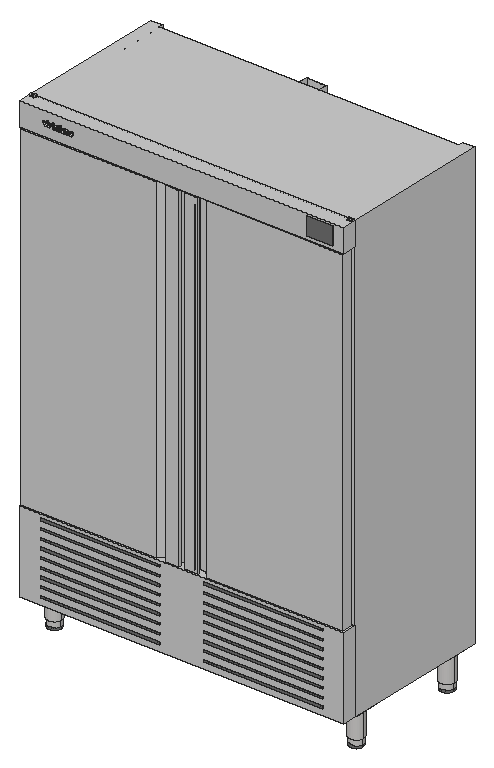
Revit family "QF_INFRICO_AN1002BT_250808092715", category Specialty Equipment, Revit 2021
Family settings
  Round Connector Dimension = Use Diameter
  Part Type = Normal
  OmniClass Number = 23.40.40.14
  OmniClass Title = Food Service Equipment
  Work Plane-Based = No
  Always vertical = Yes
  Cut with Voids When Loaded = No
  Shared = No
  Room Calculation Point = No
Parameters (values of type "AN1002BT")
  Weight [instance] = 0.00 kg
  Waste Water Discharge Temperature [instance] = 0 °C
  Waste Remarks [instance] = ""
  Warranty Start Date [instance] = ""
  Warranty Duration [instance] = ""
  Volts [instance] = 230 V
  Volt Free Conn [instance] = no
  URL Recommended Spares List [instance] = ""
  URL Manufacturer [instance] = ""
  URL Cutsheet [instance] = ""
  URL Critical Spares List [instance] = ""
  URL = "www.infrico.com"
  Technical Documentation [instance] = ""
  Tag Number [instance] = ""
  Status [instance] = ""
  Start Up Current [instance] = 0 A
  Specification by User [instance] = ""
  Specification by Manufacturer [instance] = ""
  Sound Level [instance] = ""
  Show Logo [instance] = yes
  Show Clearances [instance] = yes
  Service Life Duration [instance] = ""
  Serial Number [instance] = ""
  Seismic Rating [instance] = ""
  SMACNA No [instance] = ""
  Revision Code [instance] = ""
  Revision [instance] = ""
  Production Year [instance] = ""
  Potential Equalisation [instance] = no
  Point Load [instance] = 0
  Plumbing Connection Type [instance] = ""
  Phase [instance] = 1
  Other Equipment Approvals [instance] = ""
  Operational Current [instance] = 0 A
  Number of Poles [instance] = 2
  No Load Power Draw [instance] = no
  NAFEM Spec ID Number [instance] = ""
  Model Warning [instance] = ""
  Model = "AN1002BT"
  Min Ckt Ampacity [instance] = 0 A
  Max Overcurrent Protection [instance] = 0 A
  Masterspec [instance] = ""
  Manufacturer = "INFRICO"
  Main switch integrated [instance] = no
  Length Actual [instance] = 1385.062 mm
  Item Number [instance] = ""
  Installed By [instance] = ""
  Installation Date [instance] = ""
  Indirect Waste Size [instance] = 19.05 mm
  Indirect Waste Remarks [instance] = ""
  Indirect Waste Flow [instance] = 0.0 L/s
  Indirect Waste Connection Type [instance] = ""
  Indirect Waste Connection Height [instance] = 0 mm
  Identify Quantity as Lot [instance] = no
  ID [instance] = ""
  Hygiene Approval [instance] = ""
  Height Actual [instance] = 2059.94 mm
  HP power [instance] = ""
  Furnished By [instance] = ""
  Foodservice Equipment Identifier [instance] = no
  FL Amps [instance] = 0 A
  Electrical Remarks [instance] = ""
  Electric power [instance] = 670 W
  Electric Connection Type [instance] = ""
  Elec Conn RI Height [instance] = 0 mm
  Elec Conn Connection Height [instance] = 0 mm
  ETL Approved [instance] = no
  Direct Waste Water Discharge Temperature [instance] = -273.15 °C
  Direct Waste Size [instance] = 19.05 mm
  Direct Waste RI Height [instance] = 0 mm
  Direct Waste Flow [instance] = 0.0 L/s
  Direct Waste Connection Height [instance] = 0 mm
  Description = "BOTTOM MOUNTED REFRIGERATOR AND FREEZER REACH IN - TWO DOORS - R290"
  Depth Actual [instance] = 700.024 mm
  Default Elevation = 0 mm
  Cycle [instance] = 50 Hz
  Cost = 0
  Connection to energy optimisation system [instance] = yes
  Conn Plug [instance] = ""
  Conn Conduit [instance] = no
  Centralized building control system with digital interface [instance] = ""
  CSI MasterFormat [instance] = ""
  CE Approved [instance] = no
  Barcode [instance] = 0
  Author [instance] = ""
  Asset Identifier [instance] = ""
  Apparent Power [instance] = 670 VA
  Accessory [instance] = no
Reference planes
  plane 1 "Center (Front/Back)": y = 0
  plane 2: z = 0
  plane 3 "Center (Left/Right)": x = 0
Forms (mm)
  Extrusion 1, solid, not visible
    sketch origin (693.034, -106.005, 409.52) x (1, 0, 0) y (0, 1, 0)
      loop
        line (-2, 2) -> (-2, -2) -> (2, -2) -> (2, 2) -> (-2, 2)
    from -2 to 2
  Extrusion 2, solid, not visible
    sketch origin (1261.062, -20.001, 2021.099) x (1, 0, 0) y (0, 1, 0)
      loop
        line (-2, 2) -> (-2, -2) -> (2, -2) -> (2, 2) -> (-2, 2)
    from -2 to 2
Dimensions and locks
  locked: nested 2 to Extrusion 1 at 2  (x2)
  locked: nested 3 to Extrusion 2 at 2  (x2)
  aligned and locked: level to plane 2
Nested families
  nested 1: "QF_INFRICO_AN1002_2920" at (0, 0, 150), type "AN1002BT"
    with Weight 0.00 kg, Warranty Start Date "", Warranty Duration "", URL Cutsheet "", Technical Documentation "", Tag Number "", Status "", Specification by User "", Specification by Manufacturer "", Sound Level "", Solid Fuel Type "", Show Logo yes, Show Clearances yes, Show Clearance yes, Service Life Duration "", Serial Number "", Seismic Rating "", SMACNA No "", Revision Code "", Revision "", Production Year "", Point Load 0, Other Equipment Approvals "", NAFEM Spec ID Number "", Model Warning "", Masterspec "", Length Actual 1385.062 mm, Item Number "", Installed By "", Installation Date "", Identify Quantity as Lot yes, ID "", Hygiene Approval "", Height Actual 2059.94 mm, Furnished By "", Foodservice Equipment Identifier yes, ETL Approved yes, Depth Actual 700.024 mm, CSI MasterFormat "", CE Approved no, Barcode "", Author "", Asset Identifier "", Accessory no
  nested 2: "CONN_POINT_DRAIN_2D___Generic_Annotation" at (693.034, -106.005, 407.52), type "CONN_POINT_DRAIN_2D___Generic_Annotation"
    with Onboard connection annotation symbol visibility yes
  nested 3: "CONN_POINT_ELE_2D___Generic_Annotation" at (1261.062, -20.001, 2019.099), type "CONN_POINT_ELE_2D___Generic_Annotation"
    with Onboard connection annotation symbol visibility yes
  nested 4: "QF_INFRICO_LEGS_REACH_INS_5307" at (0, 0, 0), type "LEGS_1385_640"
    with Weight 0.00 kg, Warranty Start Date "", Warranty Duration "", URL Cutsheet "", Technical Documentation "", Tag Number "", Status "", Specification by User "", Specification by Manufacturer "", Sound Level "", Solid Fuel Type "", Show Logo yes, Show Clearances yes, Service Life Duration "", Serial Number "", Seismic Rating "", SMACNA No "", Revision Code "", Revision "", Production Year "", Point Load 0, Other Equipment Approvals "", NAFEM Spec ID Number "", Model Warning "", Masterspec "", Length Actual 1385.062 mm, Item Number "", Installed By "", Installation Date "", Identify Quantity as Lot yes, ID "", Hygiene Approval "", Height Actual 150.114 mm, Furnished By "", Foodservice Equipment Identifier yes, ETL Approved yes, Depth Actual 640.08 mm, CSI MasterFormat "", CE Approved no, Barcode "", Author "", Asset Identifier "", Accessory yes
Connectors
  piping at (693.034, -106.005, 407.52), diameter 19.05, driven by "Indirect Waste Size", driven by "Direct Waste Flow"
    settings: on Extrusion 1, index 1, connector inside diameter 609.6 mm, connector length 0 mm, flow factor 0, pipe flow 0.0 L/s, pressure drop 0.0 Pa, fitting loss kfactor 0, connector angle 0.00°, fixture units 0, engagement length 0 mm, angle of deflection 0.00°, flow configuration 1, flow direction 2, fitting loss method 0, system type 16, joint type 0, gender type 0, connector reference index -1, connector utility 0, adjustable connector no, is connector primary yes, connector description "Waste connection for AN1002BT"
  electrical at (1261.062, -20.001, 2019.099), driven by "Apparent Power", driven by "Number of Poles", driven by "Volts"
    settings: on Extrusion 2, index 2, voltage 230 V, apparent load 0 VA, apparent load phase1 670 VA, apparent load phase2 0 VA, apparent load phase3 0 VA, power factor 1, load classification "Other", number of poles 2, system type 31, power factor state 1, is connector primary yes, connector utility no, sub classification motor no, connector description "Electrical connection for AN1002BT"
Definition of nested family "QF_INFRICO_AN1002_2920"
  Parameters (values of type "AN1002TF-R290")
    Weight [instance] = 0.00 kg
    Warranty Start Date [instance] = ""
    Warranty Duration [instance] = ""
    URL Cutsheet [instance] = ""
    URL = "www.infrico.com"
    Technical Documentation [instance] = ""
    Tag Number [instance] = ""
    Status [instance] = ""
    Specification by User [instance] = ""
    Specification by Manufacturer [instance] = ""
    Sound Level [instance] = ""
    Solid Fuel Type [instance] = ""
    Show Logo [instance] = yes
    Show Clearances [instance] = yes
    Show Clearance [instance] = yes
    Service Life Duration [instance] = ""
    Serial Number [instance] = ""
    Seismic Rating [instance] = ""
    SMACNA No [instance] = ""
    Revision Code [instance] = ""
    Revision [instance] = ""
    Production Year [instance] = ""
    Point Load [instance] = 0
    Other Equipment Approvals [instance] = ""
    NAFEM Spec ID Number [instance] = ""
    Model Warning [instance] = ""
    Model = "AN1002TF"
    Masterspec [instance] = ""
    Manufacturer = "INFRICO"
    Length Actual [instance] = 0 mm
    Item Number [instance] = ""
    Installed By [instance] = ""
    Installation Date [instance] = ""
    Identify Quantity as Lot [instance] = yes
    ID [instance] = ""
    Hygiene Approval [instance] = ""
    Height Actual [instance] = 0 mm
    Furnished By [instance] = ""
    Foodservice Equipment Identifier [instance] = yes
    ETL Approved [instance] = yes
    Description = "BOTTOM MOUNTED REFRIGERATOR AND FREEZER REACH IN - TWO DOORS - R290 REFRIGERANT"
    Depth Actual [instance] = 0 mm
    Default Elevation = 0 mm
    CSI MasterFormat [instance] = ""
    CE Approved [instance] = yes
    Barcode [instance] = ""
    Author [instance] = ""
    Asset Identifier [instance] = ""
    Assembly Code = "E1090320"
    Accessory [instance] = yes
  Types (3, lengths in mm): name | Model | Description
    AN1002BT | "AN1002BT" | "BOTTOM MOUNTED REFRIGERATOR AND FREEZER REACH IN - TWO DOORS - R290 REFRIGERANT"
    AN1002TF | "AN1002TF" | "BOTTOM MOUNTED REFRIGERATOR AND FREEZER REACH IN - TWO DOORS - R134A REFRIGERANT"
    AN1002TF-R290 | "AN1002TF" | "BOTTOM MOUNTED REFRIGERATOR AND FREEZER REACH IN - TWO DOORS - R290 REFRIGERANT"
  Reference planes
    plane 1 "Back": y = 0
    plane 2: z = 0
    plane 3 "Left": x = 0
    plane 4 "Right": x = 1385
    plane 5 "Front": y = -700
    plane 6 "Top": z = 1902
  Forms (mm)
    Extrusion 1, solid
      sketch origin (0, -95, 1652) x (1, 0, 0) y (0, 1, 0)
        loop
          line (0, -545) -> (0, -605) -> (1385, -605) -> (1385, -545) -> (1382.5, -545) -> (1382.5, -558) -> (1360, -558) -> (1360, -545) -> (25, -545) -> (25, -558) -> (2.5, -558) -> (2.5, -545) -> (0, -545)
      from 150 to 250
    Extrusion 2, solid, visible <- "Show Logo"
      sketch origin (-1062.353, -699, 1146.37) x (1, 0, 0) y (0, 0, 1)
        loop
          line (1208.799, 696.53) -> (1208.799, 719.204) -> (1204.173, 719.204) -> (1204.173, 696.53) -> (1208.799, 696.53)
        loop
          line (1214.779, 713.006) -> (1211.283, 713.006) -> (1211.283, 696.53) -> (1215.772, 696.53) -> (1215.772, 707.832)
          arc (1215.772, 707.832) -> (1217.528, 708.741) -> (1219.417, 709.324) r 11.052
          arc (1219.417, 709.324) -> (1220.929, 708.961) -> (1221.598, 707.557) r 1.806
          line (1221.598, 707.557) -> (1221.598, 696.53) -> (1226.121, 696.53) -> (1226.121, 708.689)
          arc (1226.121, 708.689) -> (1224.637, 712.075) -> (1221.141, 713.281) r 4.607
          arc (1221.141, 713.281) -> (1218.282, 712.674) -> (1215.669, 711.361) r 11.435
          line (1215.669, 711.361) -> (1215.601, 712.184)
          arc (1215.601, 712.184) -> (1215.36, 712.765) -> (1214.779, 713.006) r 0.822
        loop
          line (1238.557, 720.102) -> (1237.306, 720.102)
          arc (1237.306, 720.102) -> (1235.052, 719.926) -> (1232.881, 719.297) r 11.103
          arc (1232.881, 719.297) -> (1230.805, 717.616) -> (1230.024, 715.062) r 4.567
          line (1230.024, 715.062) -> (1230.024, 712.909) -> (1227.351, 712.703) -> (1227.351, 709.374) -> (1230.024, 709.374) -> (1230.024, 696.53) -> (1234.547, 696.53) -> (1234.547, 709.374) -> (1238.249, 709.374) -> (1238.249, 712.938) -> (1234.547, 712.938) -> (1234.547, 714.548)
          arc (1234.547, 714.548) -> (1234.956, 715.705) -> (1236.045, 716.271) r 1.67
          line (1236.045, 716.271) -> (1237.7, 716.399)
          arc (1237.7, 716.399) -> (1238.306, 716.65) -> (1238.557, 717.255) r 0.857
          line (1238.557, 717.255) -> (1238.557, 720.102)
        loop
          line (1239.479, 713.006) -> (1239.479, 696.53) -> (1243.968, 696.53) -> (1243.968, 707.352)
          arc (1243.968, 707.352) -> (1245.873, 708.631) -> (1248.077, 709.268) r 7.435
          line (1248.077, 709.268) -> (1249.241, 709.416)
          arc (1249.241, 709.416) -> (1249.643, 709.758) -> (1249.793, 710.265) r 0.928
          line (1249.793, 710.265) -> (1249.793, 712.458)
          arc (1249.793, 712.458) -> (1249.531, 713.061) -> (1248.912, 713.28) r 0.824
          arc (1248.912, 713.28) -> (1246.197, 712.588) -> (1243.899, 710.984) r 7.833
          line (1243.899, 710.984) -> (1243.726, 713.006) -> (1239.479, 713.006)
        loop
          line (1255.495, 696.53) -> (1255.495, 713.006) -> (1251.006, 713.006) -> (1251.006, 696.53) -> (1255.495, 696.53)
        loop
          arc (1257.421, 701.327) -> (1258.567, 698.188) -> (1261.466, 696.525) r 4.873
          arc (1261.466, 696.525) -> (1264.493, 696.266) -> (1267.521, 696.525) r 17.816
          arc (1267.521, 696.525) -> (1270.575, 699.134) -> (1271.505, 703.041) r 6.481
          line (1271.505, 703.041) -> (1267.187, 703.041) -> (1267.187, 701.67)
          arc (1267.187, 701.67) -> (1266.64, 700.452) -> (1265.442, 699.865) r 1.965
          arc (1265.442, 699.865) -> (1264.547, 699.816) -> (1263.653, 699.865) r 8.196
          arc (1263.653, 699.865) -> (1262.417, 700.415) -> (1261.91, 701.67) r 1.806
          line (1261.91, 701.67) -> (1261.91, 707.9)
          arc (1261.91, 707.9) -> (1262.417, 709.155) -> (1263.653, 709.705) r 1.806
          arc (1263.653, 709.705) -> (1264.547, 709.754) -> (1265.442, 709.705) r 8.196
          arc (1265.442, 709.705) -> (1266.64, 709.118) -> (1267.187, 707.9) r 1.965
          line (1267.187, 707.9) -> (1267.187, 706.838) -> (1271.505, 706.838)
          arc (1271.505, 706.838) -> (1270.524, 710.556) -> (1267.521, 712.959) r 6.132
          arc (1267.521, 712.959) -> (1264.493, 713.294) -> (1261.466, 712.959) r 13.851
          arc (1261.466, 712.959) -> (1258.571, 711.349) -> (1257.421, 708.243) r 4.772
          line (1257.421, 708.243) -> (1257.421, 701.327)
        loop
          arc (1272.916, 701.329) -> (1273.993, 698.345) -> (1276.726, 696.734) r 4.676
          arc (1276.726, 696.734) -> (1278.515, 696.455) -> (1280.318, 696.291) r 28.371
          arc (1280.318, 696.291) -> (1282.122, 696.455) -> (1283.911, 696.734) r 28.371
          arc (1283.911, 696.734) -> (1286.644, 698.345) -> (1287.72, 701.329) r 4.676
          line (1287.72, 701.329) -> (1287.72, 708.242)
          arc (1287.72, 708.242) -> (1286.644, 711.226) -> (1283.911, 712.837) r 4.676
          arc (1283.911, 712.837) -> (1282.122, 713.116) -> (1280.318, 713.28) r 28.371
          arc (1280.318, 713.28) -> (1278.515, 713.116) -> (1276.726, 712.837) r 28.371
          arc (1276.726, 712.837) -> (1273.993, 711.226) -> (1272.916, 708.242) r 4.676
          line (1272.916, 708.242) -> (1272.916, 701.329)
        loop
          line (1277.405, 707.866) -> (1277.405, 701.705)
          arc (1277.405, 701.705) -> (1277.844, 700.556) -> (1278.936, 699.991) r 1.725
          arc (1278.936, 699.991) -> (1279.627, 699.918) -> (1280.318, 699.856) r 46.133
          arc (1280.318, 699.856) -> (1281.01, 699.918) -> (1281.701, 699.991) r 46.133
          arc (1281.701, 699.991) -> (1282.793, 700.556) -> (1283.231, 701.705) r 1.725
          line (1283.231, 701.705) -> (1283.231, 707.866)
          arc (1283.231, 707.866) -> (1282.793, 709.015) -> (1281.701, 709.58) r 1.725
          arc (1281.701, 709.58) -> (1281.01, 709.653) -> (1280.318, 709.716) r 46.133
          arc (1280.318, 709.716) -> (1279.627, 709.653) -> (1278.936, 709.58) r 46.133
          arc (1278.936, 709.58) -> (1277.844, 709.015) -> (1277.405, 707.866) r 1.725
        loop
          arc (1190.339, 696.543) -> (1191.411, 696.987) -> (1191.856, 698.059) r 1.516
          line (1191.856, 698.059) -> (1191.856, 703.891) -> (1196.035, 703.891)
          arc (1196.035, 703.891) -> (1196.79, 704.121) -> (1197.218, 704.782) r 1.147
          line (1197.218, 704.782) -> (1197.218, 706.211)
          arc (1197.218, 706.211) -> (1196.787, 707.258) -> (1195.719, 707.634) r 1.385
          line (1195.719, 707.634) -> (1194.52, 707.634) -> (1197.218, 710.332)
          arc (1197.218, 710.332) -> (1197.605, 711.266) -> (1197.218, 712.2) r 1.321
          line (1197.218, 712.2) -> (1196.495, 712.923)
          arc (1196.495, 712.923) -> (1195.54, 713.338) -> (1194.558, 712.991) r 1.422
          line (1194.558, 712.991) -> (1191.853, 710.286) -> (1191.853, 711.479)
          arc (1191.853, 711.479) -> (1191.443, 712.516) -> (1190.435, 712.992) r 1.516
          line (1190.435, 712.992) -> (1189.514, 712.992)
          arc (1189.514, 712.992) -> (1188.511, 712.514) -> (1188.103, 711.479) r 1.516
          line (1188.103, 711.479) -> (1188.103, 706.83) -> (1182.073, 701.336) -> (1182.073, 707.509) -> (1185.639, 711.075)
          arc (1185.639, 711.075) -> (1186.053, 712.073) -> (1185.639, 713.071) r 1.412
          line (1185.639, 713.071) -> (1184.987, 713.723)
          arc (1184.987, 713.723) -> (1183.939, 714.141) -> (1182.915, 713.667) r 1.428
          line (1182.915, 713.667) -> (1182.073, 712.825) -> (1182.073, 717.784)
          arc (1182.073, 717.784) -> (1181.658, 718.787) -> (1180.655, 719.203) r 1.418
          line (1180.655, 719.203) -> (1179.726, 719.203)
          arc (1179.726, 719.203) -> (1178.723, 718.787) -> (1178.308, 717.784) r 1.418
          line (1178.308, 717.784) -> (1178.308, 712.825) -> (1177.466, 713.667)
          arc (1177.466, 713.667) -> (1176.442, 714.141) -> (1175.394, 713.723) r 1.428
          line (1175.394, 713.723) -> (1174.742, 713.071)
          arc (1174.742, 713.071) -> (1174.328, 712.073) -> (1174.742, 711.075) r 1.412
          line (1174.742, 711.075) -> (1178.308, 707.509) -> (1178.308, 701.336) -> (1172.278, 706.83) -> (1172.278, 711.479)
          arc (1172.278, 711.479) -> (1171.87, 712.514) -> (1170.867, 712.992) r 1.516
          line (1170.867, 712.992) -> (1169.946, 712.992)
          arc (1169.946, 712.992) -> (1168.938, 712.516) -> (1168.528, 711.479) r 1.516
          line (1168.528, 711.479) -> (1168.528, 710.286) -> (1165.823, 712.991)
          arc (1165.823, 712.991) -> (1164.841, 713.338) -> (1163.886, 712.923) r 1.422
          line (1163.886, 712.923) -> (1163.163, 712.2)
          arc (1163.163, 712.2) -> (1162.776, 711.266) -> (1163.163, 710.332) r 1.321
          line (1163.163, 710.332) -> (1165.861, 707.634) -> (1164.662, 707.634)
          arc (1164.662, 707.634) -> (1163.594, 707.258) -> (1163.163, 706.211) r 1.385
          line (1163.163, 706.211) -> (1163.163, 704.782)
          arc (1163.163, 704.782) -> (1163.591, 704.121) -> (1164.346, 703.891) r 1.147
          line (1164.346, 703.891) -> (1168.525, 703.891) -> (1168.525, 698.059)
          arc (1168.525, 698.059) -> (1168.969, 696.987) -> (1170.042, 696.543) r 1.516
          line (1170.042, 696.543) -> (1190.339, 696.543)
      from 0 to 2
    Extrusion 3, solid
      sketch origin (57.067, -4.97, 1236.674) x (1, 0, 0) y (0, 0, 1)
        loop
          line (1169.616, 654.3) -> (1169.616, 577.9) -> (1281.216, 577.9) -> (1281.216, 654.3) -> (1169.616, 654.3)
      from 695.03 to 697.03
    Extrusion 4, solid
      sketch origin (5, -77, -10) x (0, 1, 0) y (0, 0, 1)
        loop
          line (-567, 1911) -> (-563, 1911) -> (-563, 1914.5)
          arc (-563, 1914.5) -> (-564.062, 1917.463) -> (-565.924, 1920) r 10.917
          line (-565.924, 1920) -> (-573.076, 1920)
          arc (-573.076, 1920) -> (-574.938, 1917.463) -> (-576, 1914.5) r 10.917
          line (-576, 1914.5) -> (-576, 1911) -> (-572, 1911) -> (-572, 1914.5)
          arc (-572, 1914.5) -> (-569.5, 1917) -> (-567, 1914.5) r 2.5
          line (-567, 1914.5) -> (-567, 1911)
      from 0 to 17.5
    Extrusion 5, solid
      sketch origin (2, -77, -10) x (0, 1, 0) y (0, 0, 1)
        loop
          arc (-567.161, 1915.382) -> (-569.948, 1916.96) -> (-572, 1914.5) r 2.5
          line (-572, 1914.5) -> (-571.49, 1908.671) -> (-564.851, 1909.252) -> (-567.161, 1915.382)
      from 0.5 to 3
    Extrusion 6, solid
      sketch origin (22, -77, -10) x (0, 1, 0) y (0, 0, 1)
        loop
          arc (-567.161, 1915.382) -> (-569.948, 1916.96) -> (-572, 1914.5) r 2.5
          line (-572, 1914.5) -> (-571.49, 1908.671) -> (-564.851, 1909.252) -> (-567.161, 1915.382)
      from 0.5 to 3
    Extrusion 7, solid
      sketch origin (1362.5, -77, -10) x (0, 1, 0) y (0, 0, 1)
        loop
          line (-567, 1911) -> (-563, 1911) -> (-563, 1914.5)
          arc (-563, 1914.5) -> (-564.062, 1917.463) -> (-565.924, 1920) r 10.917
          line (-565.924, 1920) -> (-573.076, 1920)
          arc (-573.076, 1920) -> (-574.938, 1917.463) -> (-576, 1914.5) r 10.917
          line (-576, 1914.5) -> (-576, 1911) -> (-572, 1911) -> (-572, 1914.5)
          arc (-572, 1914.5) -> (-569.5, 1917) -> (-567, 1914.5) r 2.5
          line (-567, 1914.5) -> (-567, 1911)
      from 0 to 17.5
    Extrusion 8, solid
      sketch origin (1359.5, -77, -10) x (0, 1, 0) y (0, 0, 1)
        loop
          arc (-567.161, 1915.382) -> (-569.948, 1916.96) -> (-572, 1914.5) r 2.5
          line (-572, 1914.5) -> (-571.49, 1908.671) -> (-564.851, 1909.252) -> (-567.161, 1915.382)
      from 0.5 to 3
    Extrusion 9, solid
      sketch origin (1379.5, -77, -10) x (0, 1, 0) y (0, 0, 1)
        loop
          arc (-567.161, 1915.382) -> (-569.948, 1916.96) -> (-572, 1914.5) r 2.5
          line (-572, 1914.5) -> (-571.49, 1908.671) -> (-564.851, 1909.252) -> (-567.161, 1915.382)
      from 0.5 to 3
    Extrusion 10, solid
      sketch origin (0, 0, 0) x (1, 0, 0) y (0, 1, 0)
        loop
          line (0, -640) -> (20, -640) -> (20, -20) -> (50, -20) -> (50, 0) -> (0, 0) -> (0, -640)
        loop
          line (1385, -640) -> (1385, 0) -> (1335, 0) -> (1335, -20) -> (1365, -20) -> (1365, -640) -> (1385, -640)
      from 0 to 1902
    Extrusion 11, solid
      sketch origin (0, 0, 0) x (1, 0, 0) y (0, 1, 0)
        loop
          line (20, -20) -> (20, -640) -> (1365, -640) -> (1365, -20) -> (20, -20)
        loop
          line (50, -610) -> (1335, -610) -> (1335, -50) -> (50, -50) -> (50, -610)
      from 257.5 to 1902
    Extrusion 12, void
      sketch origin (698, -390, 0) x (1, 0, 0) y (0, 0, 1)
        loop
          line (-648, 425) -> (637, 425) -> (637, 1737) -> (-648, 1737) -> (-648, 425)
      from 220 to 250
    Extrusion 13, solid
      sketch origin (20, 0, 0) x (1, 0, 0) y (0, 0, 1)
        loop
          line (52, 500) -> (52, 526.5) -> (50, 526.5) -> (50, 498) -> (68.5, 498) -> (68.5, 500) -> (52, 500)
      from 50 to 610
    Extrusion 14, solid
      sketch origin (-120.635, 115, 1315) x (1, 0, 0) y (0, 1, 0)
        loop
          arc (214.135, -210) -> (203.529, -214.393) -> (199.135, -225) r 15
          line (199.135, -225) -> (199.135, -665)
          arc (199.135, -665) -> (203.529, -675.607) -> (214.135, -680) r 15
          line (214.135, -680) -> (1412.135, -680)
          arc (1412.135, -680) -> (1422.742, -675.607) -> (1427.135, -665) r 15
          line (1427.135, -665) -> (1427.135, -225)
          arc (1427.135, -225) -> (1422.742, -214.393) -> (1412.135, -210) r 15
          line (1412.135, -210) -> (214.135, -210)
        loop
          arc (209.135, -665) -> (210.6, -668.536) -> (214.135, -670) r 5
          line (214.135, -670) -> (248.135, -670) -> (248.135, -220) -> (214.135, -220)
          arc (214.135, -220) -> (210.6, -221.464) -> (209.135, -225) r 5
          line (209.135, -225) -> (209.135, -665)
        loop
          line (703.135, -220) -> (703.135, -670) -> (743.135, -670) -> (743.135, -220) -> (703.135, -220)
        loop
          arc (1417.135, -225) -> (1415.671, -221.464) -> (1412.135, -220) r 5
          line (1412.135, -220) -> (1378.135, -220) -> (1378.135, -670) -> (1412.135, -670)
          arc (1412.135, -670) -> (1415.671, -668.536) -> (1417.135, -665) r 5
          line (1417.135, -665) -> (1417.135, -225)
        loop
          line (698.135, -220) -> (658.135, -220) -> (658.135, -670) -> (698.135, -670) -> (698.135, -220)
        loop
          line (653.135, -220) -> (613.135, -220) -> (613.135, -670) -> (653.135, -670) -> (653.135, -220)
        loop
          line (608.135, -220) -> (568.135, -220) -> (568.135, -670) -> (608.135, -670) -> (608.135, -220)
        loop
          line (563.135, -220) -> (523.135, -220) -> (523.135, -670) -> (563.135, -670) -> (563.135, -220)
        loop
          line (518.135, -220) -> (478.135, -220) -> (478.135, -670) -> (518.135, -670) -> (518.135, -220)
        loop
          line (473.135, -220) -> (433.135, -220) -> (433.135, -670) -> (473.135, -670) -> (473.135, -220)
        loop
          line (428.135, -220) -> (388.135, -220) -> (388.135, -670) -> (428.135, -670) -> (428.135, -220)
        loop
          line (383.135, -220) -> (343.135, -220) -> (343.135, -670) -> (383.135, -670) -> (383.135, -220)
        loop
          line (338.135, -220) -> (298.135, -220) -> (298.135, -670) -> (338.135, -670) -> (338.135, -220)
        loop
          line (293.135, -220) -> (253.135, -220) -> (253.135, -670) -> (293.135, -670) -> (293.135, -220)
        loop
          line (1153.135, -220) -> (1153.135, -670) -> (1193.135, -670) -> (1193.135, -220) -> (1153.135, -220)
        loop
          line (1148.135, -220) -> (1108.135, -220) -> (1108.135, -670) -> (1148.135, -670) -> (1148.135, -220)
        loop
          line (1103.135, -220) -> (1063.135, -220) -> (1063.135, -670) -> (1103.135, -670) -> (1103.135, -220)
        loop
          line (1058.135, -220) -> (1018.135, -220) -> (1018.135, -670) -> (1058.135, -670) -> (1058.135, -220)
        loop
          line (1013.135, -220) -> (973.135, -220) -> (973.135, -670) -> (1013.135, -670) -> (1013.135, -220)
        loop
          line (968.135, -220) -> (928.135, -220) -> (928.135, -670) -> (968.135, -670) -> (968.135, -220)
        loop
          line (923.135, -220) -> (883.135, -220) -> (883.135, -670) -> (923.135, -670) -> (923.135, -220)
        loop
          line (878.135, -220) -> (838.135, -220) -> (838.135, -670) -> (878.135, -670) -> (878.135, -220)
        loop
          line (833.135, -220) -> (793.135, -220) -> (793.135, -670) -> (833.135, -670) -> (833.135, -220)
        loop
          line (788.135, -220) -> (748.135, -220) -> (748.135, -670) -> (788.135, -670) -> (788.135, -220)
        loop
          line (1373.135, -220) -> (1333.135, -220) -> (1333.135, -670) -> (1373.135, -670) -> (1373.135, -220)
        loop
          line (1328.135, -220) -> (1288.135, -220) -> (1288.135, -670) -> (1328.135, -670) -> (1328.135, -220)
        loop
          line (1283.135, -220) -> (1243.135, -220) -> (1243.135, -670) -> (1283.135, -670) -> (1283.135, -220)
        loop
          line (1238.135, -220) -> (1198.135, -220) -> (1198.135, -670) -> (1238.135, -670) -> (1238.135, -220)
      from 95 to 100
    Extrusion 15, solid
      sketch origin (0, -50, 0) x (1, 0, 0) y (0, 0, 1)
        loop
          line (60, 433) -> (70, 463) -> (70, 468) -> (70, 1643) -> (60, 1678) -> (50, 1678) -> (50, 433) -> (60, 433)
      from 0 to 20
    Extrusion 16, solid
      sketch origin (0, -590, 0) x (1, 0, 0) y (0, 0, 1)
        loop
          line (60, 433) -> (70, 463) -> (70, 468) -> (70, 1643) -> (60, 1678) -> (50, 1678) -> (50, 433) -> (60, 433)
      from 0 to 20
    Extrusion 17, solid
      sketch origin (1365, 0, 0) x (-1, 0, 0) y (0, 0, -1)
        loop
          line (52, -500) -> (68.5, -500) -> (68.5, -498) -> (50, -498) -> (50, -526.5) -> (52, -526.5) -> (52, -500)
      from 50 to 610
    Extrusion 18, solid
      sketch origin (1385, -50, 0) x (-1, 0, 0) y (0, 0, -1)
        loop
          line (60, -433) -> (50, -433) -> (50, -1678) -> (60, -1678) -> (70, -1643) -> (70, -468) -> (70, -463) -> (60, -433)
      from 0 to 20
    Extrusion 19, solid
      sketch origin (1385, -590, 0) x (-1, 0, 0) y (0, 0, -1)
        loop
          line (60, -433) -> (50, -433) -> (50, -1678) -> (60, -1678) -> (70, -1643) -> (70, -468) -> (70, -463) -> (60, -433)
      from 0 to 20
    Extrusion 20, solid
      sketch origin (20, 0, 250) x (1, 0, 0) y (0, 0, 1)
        loop
          line (52, 500) -> (52, 526.5) -> (50, 526.5) -> (50, 498) -> (68.5, 498) -> (68.5, 500) -> (52, 500)
      from 50 to 610
    Extrusion 21, solid
      sketch origin (1365, 0, 250) x (-1, 0, 0) y (0, 0, -1)
        loop
          line (52, -500) -> (68.5, -500) -> (68.5, -498) -> (50, -498) -> (50, -526.5) -> (52, -526.5) -> (52, -500)
      from 50 to 610
    Extrusion 22, solid
      sketch origin (20, 0, 580) x (1, 0, 0) y (0, 0, 1)
        loop
          line (52, 500) -> (52, 526.5) -> (50, 526.5) -> (50, 498) -> (68.5, 498) -> (68.5, 500) -> (52, 500)
      from 50 to 610
    Extrusion 23, solid
      sketch origin (1365, 0, 580) x (-1, 0, 0) y (0, 0, -1)
        loop
          line (52, -500) -> (68.5, -500) -> (68.5, -498) -> (50, -498) -> (50, -526.5) -> (52, -526.5) -> (52, -500)
      from 50 to 610
    Extrusion 24, solid
      sketch origin (20, 0, 910) x (1, 0, 0) y (0, 0, 1)
        loop
          line (52, 500) -> (52, 526.5) -> (50, 526.5) -> (50, 498) -> (68.5, 498) -> (68.5, 500) -> (52, 500)
      from 50 to 610
    Extrusion 25, solid
      sketch origin (1365, 0, 910) x (-1, 0, 0) y (0, 0, -1)
        loop
          line (52, -500) -> (68.5, -500) -> (68.5, -498) -> (50, -498) -> (50, -526.5) -> (52, -526.5) -> (52, -500)
      from 50 to 610
    Extrusion 26, solid
      sketch origin (0, 0, -30) x (1, 0, 0) y (0, 0, 1)
        loop
          line (50, 1927) -> (1335, 1927) -> (1335, 1932) -> (50, 1932) -> (50, 1927)
      from 50 to 610
    Extrusion 27, solid
      sketch origin (0, 0, -1927) x (1, 0, 0) y (0, 0, 1)
        loop
          line (20, 1927) -> (1365, 1927) -> (1365, 1932) -> (20, 1932) -> (20, 1927)
      from 20 to 640
    Extrusion 28, solid
      sketch origin (698, -10, -30) x (1, 0, 0) y (0, 0, 1)
        loop
          circle (563, 1899) r 12.7
      from 0 to 10
    Extrusion 29, solid
      sketch origin (0, -95, 0) x (0, 1, 0) y (0, 0, 1)
        loop
          line (-545, 350) -> (-605, 350) -> (-605, 0) -> (-545, 0) -> (-545, 350)
      from 0 to 1385
    Extrusion 30, solid
      sketch origin (-2880.873, -698.1, -227.949) x (1, 0, 0) y (0, 0, 1)
        loop
          line (3478.016, 523.949) -> (2970.73, 523.949) -> (2970.73, 514.949) -> (3478.016, 514.949) -> (3478.016, 523.949)
        loop
          line (3478.016, 486.949) -> (2970.73, 486.949) -> (2970.73, 477.949) -> (3478.016, 477.949) -> (3478.016, 486.949)
        loop
          line (3478.016, 449.949) -> (2970.73, 449.949) -> (2970.73, 440.949) -> (3478.016, 440.949) -> (3478.016, 449.949)
        loop
          line (3478.016, 412.949) -> (2970.73, 412.949) -> (2970.73, 403.949) -> (3478.016, 403.949) -> (3478.016, 412.949)
        loop
          line (3478.016, 375.949) -> (2970.73, 375.949) -> (2970.73, 366.949) -> (3478.016, 366.949) -> (3478.016, 375.949)
        loop
          line (3478.016, 338.949) -> (2970.73, 338.949) -> (2970.73, 329.949) -> (3478.016, 329.949) -> (3478.016, 338.949)
        loop
          line (3478.016, 301.949) -> (2970.73, 301.949) -> (2970.73, 292.949) -> (3478.016, 292.949) -> (3478.016, 301.949)
        loop
          line (3478.016, 264.949) -> (2970.73, 264.949) -> (2970.73, 255.949) -> (3478.016, 255.949) -> (3478.016, 264.949)
        loop
          line (3478.016, 560.949) -> (2970.73, 560.949) -> (2970.73, 551.949) -> (3478.016, 551.949) -> (3478.016, 560.949)
      from 0 to 2
    Extrusion 31, solid
      sketch origin (-2182.873, -698.1, -227.949) x (1, 0, 0) y (0, 0, 1)
        loop
          line (3478.016, 523.949) -> (2970.73, 523.949) -> (2970.73, 514.949) -> (3478.016, 514.949) -> (3478.016, 523.949)
        loop
          line (3478.016, 486.949) -> (2970.73, 486.949) -> (2970.73, 477.949) -> (3478.016, 477.949) -> (3478.016, 486.949)
        loop
          line (3478.016, 449.949) -> (2970.73, 449.949) -> (2970.73, 440.949) -> (3478.016, 440.949) -> (3478.016, 449.949)
        loop
          line (3478.016, 412.949) -> (2970.73, 412.949) -> (2970.73, 403.949) -> (3478.016, 403.949) -> (3478.016, 412.949)
        loop
          line (3478.016, 375.949) -> (2970.73, 375.949) -> (2970.73, 366.949) -> (3478.016, 366.949) -> (3478.016, 375.949)
        loop
          line (3478.016, 338.949) -> (2970.73, 338.949) -> (2970.73, 329.949) -> (3478.016, 329.949) -> (3478.016, 338.949)
        loop
          line (3478.016, 301.949) -> (2970.73, 301.949) -> (2970.73, 292.949) -> (3478.016, 292.949) -> (3478.016, 301.949)
        loop
          line (3478.016, 264.949) -> (2970.73, 264.949) -> (2970.73, 255.949) -> (3478.016, 255.949) -> (3478.016, 264.949)
        loop
          line (3478.016, 560.949) -> (2970.73, 560.949) -> (2970.73, 551.949) -> (3478.016, 551.949) -> (3478.016, 560.949)
      from 0 to 2
    Extrusion 32, solid
      sketch origin (-120.635, 115, 985) x (1, 0, 0) y (0, 1, 0)
        loop
          arc (214.135, -210) -> (203.529, -214.393) -> (199.135, -225) r 15
          line (199.135, -225) -> (199.135, -665)
          arc (199.135, -665) -> (203.529, -675.607) -> (214.135, -680) r 15
          line (214.135, -680) -> (1412.135, -680)
          arc (1412.135, -680) -> (1422.742, -675.607) -> (1427.135, -665) r 15
          line (1427.135, -665) -> (1427.135, -225)
          arc (1427.135, -225) -> (1422.742, -214.393) -> (1412.135, -210) r 15
          line (1412.135, -210) -> (214.135, -210)
        loop
          arc (209.135, -665) -> (210.6, -668.536) -> (214.135, -670) r 5
          line (214.135, -670) -> (248.135, -670) -> (248.135, -220) -> (214.135, -220)
          arc (214.135, -220) -> (210.6, -221.464) -> (209.135, -225) r 5
          line (209.135, -225) -> (209.135, -665)
        loop
          line (703.135, -220) -> (703.135, -670) -> (743.135, -670) -> (743.135, -220) -> (703.135, -220)
        loop
          arc (1417.135, -225) -> (1415.671, -221.464) -> (1412.135, -220) r 5
          line (1412.135, -220) -> (1378.135, -220) -> (1378.135, -670) -> (1412.135, -670)
          arc (1412.135, -670) -> (1415.671, -668.536) -> (1417.135, -665) r 5
          line (1417.135, -665) -> (1417.135, -225)
        loop
          line (698.135, -220) -> (658.135, -220) -> (658.135, -670) -> (698.135, -670) -> (698.135, -220)
        loop
          line (653.135, -220) -> (613.135, -220) -> (613.135, -670) -> (653.135, -670) -> (653.135, -220)
        loop
          line (608.135, -220) -> (568.135, -220) -> (568.135, -670) -> (608.135, -670) -> (608.135, -220)
        loop
          line (563.135, -220) -> (523.135, -220) -> (523.135, -670) -> (563.135, -670) -> (563.135, -220)
        loop
          line (518.135, -220) -> (478.135, -220) -> (478.135, -670) -> (518.135, -670) -> (518.135, -220)
        loop
          line (473.135, -220) -> (433.135, -220) -> (433.135, -670) -> (473.135, -670) -> (473.135, -220)
        loop
          line (428.135, -220) -> (388.135, -220) -> (388.135, -670) -> (428.135, -670) -> (428.135, -220)
        loop
          line (383.135, -220) -> (343.135, -220) -> (343.135, -670) -> (383.135, -670) -> (383.135, -220)
        loop
          line (338.135, -220) -> (298.135, -220) -> (298.135, -670) -> (338.135, -670) -> (338.135, -220)
        loop
          line (293.135, -220) -> (253.135, -220) -> (253.135, -670) -> (293.135, -670) -> (293.135, -220)
        loop
          line (1153.135, -220) -> (1153.135, -670) -> (1193.135, -670) -> (1193.135, -220) -> (1153.135, -220)
        loop
          line (1148.135, -220) -> (1108.135, -220) -> (1108.135, -670) -> (1148.135, -670) -> (1148.135, -220)
        loop
          line (1103.135, -220) -> (1063.135, -220) -> (1063.135, -670) -> (1103.135, -670) -> (1103.135, -220)
        loop
          line (1058.135, -220) -> (1018.135, -220) -> (1018.135, -670) -> (1058.135, -670) -> (1058.135, -220)
        loop
          line (1013.135, -220) -> (973.135, -220) -> (973.135, -670) -> (1013.135, -670) -> (1013.135, -220)
        loop
          line (968.135, -220) -> (928.135, -220) -> (928.135, -670) -> (968.135, -670) -> (968.135, -220)
        loop
          line (923.135, -220) -> (883.135, -220) -> (883.135, -670) -> (923.135, -670) -> (923.135, -220)
        loop
          line (878.135, -220) -> (838.135, -220) -> (838.135, -670) -> (878.135, -670) -> (878.135, -220)
        loop
          line (833.135, -220) -> (793.135, -220) -> (793.135, -670) -> (833.135, -670) -> (833.135, -220)
        loop
          line (788.135, -220) -> (748.135, -220) -> (748.135, -670) -> (788.135, -670) -> (788.135, -220)
        loop
          line (1373.135, -220) -> (1333.135, -220) -> (1333.135, -670) -> (1373.135, -670) -> (1373.135, -220)
        loop
          line (1328.135, -220) -> (1288.135, -220) -> (1288.135, -670) -> (1328.135, -670) -> (1328.135, -220)
        loop
          line (1283.135, -220) -> (1243.135, -220) -> (1243.135, -670) -> (1283.135, -670) -> (1283.135, -220)
        loop
          line (1238.135, -220) -> (1198.135, -220) -> (1198.135, -670) -> (1238.135, -670) -> (1238.135, -220)
      from 95 to 100
    Extrusion 33, solid
      sketch origin (-120.635, 115, 655) x (1, 0, 0) y (0, 1, 0)
        loop
          arc (214.135, -210) -> (203.529, -214.393) -> (199.135, -225) r 15
          line (199.135, -225) -> (199.135, -665)
          arc (199.135, -665) -> (203.529, -675.607) -> (214.135, -680) r 15
          line (214.135, -680) -> (1412.135, -680)
          arc (1412.135, -680) -> (1422.742, -675.607) -> (1427.135, -665) r 15
          line (1427.135, -665) -> (1427.135, -225)
          arc (1427.135, -225) -> (1422.742, -214.393) -> (1412.135, -210) r 15
          line (1412.135, -210) -> (214.135, -210)
        loop
          arc (209.135, -665) -> (210.6, -668.536) -> (214.135, -670) r 5
          line (214.135, -670) -> (248.135, -670) -> (248.135, -220) -> (214.135, -220)
          arc (214.135, -220) -> (210.6, -221.464) -> (209.135, -225) r 5
          line (209.135, -225) -> (209.135, -665)
        loop
          line (703.135, -220) -> (703.135, -670) -> (743.135, -670) -> (743.135, -220) -> (703.135, -220)
        loop
          arc (1417.135, -225) -> (1415.671, -221.464) -> (1412.135, -220) r 5
          line (1412.135, -220) -> (1378.135, -220) -> (1378.135, -670) -> (1412.135, -670)
          arc (1412.135, -670) -> (1415.671, -668.536) -> (1417.135, -665) r 5
          line (1417.135, -665) -> (1417.135, -225)
        loop
          line (698.135, -220) -> (658.135, -220) -> (658.135, -670) -> (698.135, -670) -> (698.135, -220)
        loop
          line (653.135, -220) -> (613.135, -220) -> (613.135, -670) -> (653.135, -670) -> (653.135, -220)
        loop
          line (608.135, -220) -> (568.135, -220) -> (568.135, -670) -> (608.135, -670) -> (608.135, -220)
        loop
          line (563.135, -220) -> (523.135, -220) -> (523.135, -670) -> (563.135, -670) -> (563.135, -220)
        loop
          line (518.135, -220) -> (478.135, -220) -> (478.135, -670) -> (518.135, -670) -> (518.135, -220)
        loop
          line (473.135, -220) -> (433.135, -220) -> (433.135, -670) -> (473.135, -670) -> (473.135, -220)
        loop
          line (428.135, -220) -> (388.135, -220) -> (388.135, -670) -> (428.135, -670) -> (428.135, -220)
        loop
          line (383.135, -220) -> (343.135, -220) -> (343.135, -670) -> (383.135, -670) -> (383.135, -220)
        loop
          line (338.135, -220) -> (298.135, -220) -> (298.135, -670) -> (338.135, -670) -> (338.135, -220)
        loop
          line (293.135, -220) -> (253.135, -220) -> (253.135, -670) -> (293.135, -670) -> (293.135, -220)
        loop
          line (1153.135, -220) -> (1153.135, -670) -> (1193.135, -670) -> (1193.135, -220) -> (1153.135, -220)
        loop
          line (1148.135, -220) -> (1108.135, -220) -> (1108.135, -670) -> (1148.135, -670) -> (1148.135, -220)
        loop
          line (1103.135, -220) -> (1063.135, -220) -> (1063.135, -670) -> (1103.135, -670) -> (1103.135, -220)
        loop
          line (1058.135, -220) -> (1018.135, -220) -> (1018.135, -670) -> (1058.135, -670) -> (1058.135, -220)
        loop
          line (1013.135, -220) -> (973.135, -220) -> (973.135, -670) -> (1013.135, -670) -> (1013.135, -220)
        loop
          line (968.135, -220) -> (928.135, -220) -> (928.135, -670) -> (968.135, -670) -> (968.135, -220)
        loop
          line (923.135, -220) -> (883.135, -220) -> (883.135, -670) -> (923.135, -670) -> (923.135, -220)
        loop
          line (878.135, -220) -> (838.135, -220) -> (838.135, -670) -> (878.135, -670) -> (878.135, -220)
        loop
          line (833.135, -220) -> (793.135, -220) -> (793.135, -670) -> (833.135, -670) -> (833.135, -220)
        loop
          line (788.135, -220) -> (748.135, -220) -> (748.135, -670) -> (788.135, -670) -> (788.135, -220)
        loop
          line (1373.135, -220) -> (1333.135, -220) -> (1333.135, -670) -> (1373.135, -670) -> (1373.135, -220)
        loop
          line (1328.135, -220) -> (1288.135, -220) -> (1288.135, -670) -> (1328.135, -670) -> (1328.135, -220)
        loop
          line (1283.135, -220) -> (1243.135, -220) -> (1243.135, -670) -> (1283.135, -670) -> (1283.135, -220)
        loop
          line (1238.135, -220) -> (1198.135, -220) -> (1198.135, -670) -> (1238.135, -670) -> (1238.135, -220)
      from 95 to 100
    Extrusion 34, solid
      sketch origin (-120.635, 115, 405) x (1, 0, 0) y (0, 1, 0)
        loop
          arc (214.135, -210) -> (203.529, -214.393) -> (199.135, -225) r 15
          line (199.135, -225) -> (199.135, -665)
          arc (199.135, -665) -> (203.529, -675.607) -> (214.135, -680) r 15
          line (214.135, -680) -> (1412.135, -680)
          arc (1412.135, -680) -> (1422.742, -675.607) -> (1427.135, -665) r 15
          line (1427.135, -665) -> (1427.135, -225)
          arc (1427.135, -225) -> (1422.742, -214.393) -> (1412.135, -210) r 15
          line (1412.135, -210) -> (214.135, -210)
        loop
          arc (209.135, -665) -> (210.6, -668.536) -> (214.135, -670) r 5
          line (214.135, -670) -> (248.135, -670) -> (248.135, -220) -> (214.135, -220)
          arc (214.135, -220) -> (210.6, -221.464) -> (209.135, -225) r 5
          line (209.135, -225) -> (209.135, -665)
        loop
          line (703.135, -220) -> (703.135, -670) -> (743.135, -670) -> (743.135, -220) -> (703.135, -220)
        loop
          arc (1417.135, -225) -> (1415.671, -221.464) -> (1412.135, -220) r 5
          line (1412.135, -220) -> (1378.135, -220) -> (1378.135, -670) -> (1412.135, -670)
          arc (1412.135, -670) -> (1415.671, -668.536) -> (1417.135, -665) r 5
          line (1417.135, -665) -> (1417.135, -225)
        loop
          line (698.135, -220) -> (658.135, -220) -> (658.135, -670) -> (698.135, -670) -> (698.135, -220)
        loop
          line (653.135, -220) -> (613.135, -220) -> (613.135, -670) -> (653.135, -670) -> (653.135, -220)
        loop
          line (608.135, -220) -> (568.135, -220) -> (568.135, -670) -> (608.135, -670) -> (608.135, -220)
        loop
          line (563.135, -220) -> (523.135, -220) -> (523.135, -670) -> (563.135, -670) -> (563.135, -220)
        loop
          line (518.135, -220) -> (478.135, -220) -> (478.135, -670) -> (518.135, -670) -> (518.135, -220)
        loop
          line (473.135, -220) -> (433.135, -220) -> (433.135, -670) -> (473.135, -670) -> (473.135, -220)
        loop
          line (428.135, -220) -> (388.135, -220) -> (388.135, -670) -> (428.135, -670) -> (428.135, -220)
        loop
          line (383.135, -220) -> (343.135, -220) -> (343.135, -670) -> (383.135, -670) -> (383.135, -220)
        loop
          line (338.135, -220) -> (298.135, -220) -> (298.135, -670) -> (338.135, -670) -> (338.135, -220)
        loop
          line (293.135, -220) -> (253.135, -220) -> (253.135, -670) -> (293.135, -670) -> (293.135, -220)
        loop
          line (1153.135, -220) -> (1153.135, -670) -> (1193.135, -670) -> (1193.135, -220) -> (1153.135, -220)
        loop
          line (1148.135, -220) -> (1108.135, -220) -> (1108.135, -670) -> (1148.135, -670) -> (1148.135, -220)
        loop
          line (1103.135, -220) -> (1063.135, -220) -> (1063.135, -670) -> (1103.135, -670) -> (1103.135, -220)
        loop
          line (1058.135, -220) -> (1018.135, -220) -> (1018.135, -670) -> (1058.135, -670) -> (1058.135, -220)
        loop
          line (1013.135, -220) -> (973.135, -220) -> (973.135, -670) -> (1013.135, -670) -> (1013.135, -220)
        loop
          line (968.135, -220) -> (928.135, -220) -> (928.135, -670) -> (968.135, -670) -> (968.135, -220)
        loop
          line (923.135, -220) -> (883.135, -220) -> (883.135, -670) -> (923.135, -670) -> (923.135, -220)
        loop
          line (878.135, -220) -> (838.135, -220) -> (838.135, -670) -> (878.135, -670) -> (878.135, -220)
        loop
          line (833.135, -220) -> (793.135, -220) -> (793.135, -670) -> (833.135, -670) -> (833.135, -220)
        loop
          line (788.135, -220) -> (748.135, -220) -> (748.135, -670) -> (788.135, -670) -> (788.135, -220)
        loop
          line (1373.135, -220) -> (1333.135, -220) -> (1333.135, -670) -> (1373.135, -670) -> (1373.135, -220)
        loop
          line (1328.135, -220) -> (1288.135, -220) -> (1288.135, -670) -> (1328.135, -670) -> (1328.135, -220)
        loop
          line (1283.135, -220) -> (1243.135, -220) -> (1243.135, -670) -> (1283.135, -670) -> (1283.135, -220)
        loop
          line (1238.135, -220) -> (1198.135, -220) -> (1198.135, -670) -> (1238.135, -670) -> (1238.135, -220)
      from 95 to 100
    Extrusion 35, solid
      sketch origin (0, 0, -1669.5) x (1, 0, 0) y (0, 0, 1)
        loop
          line (20, 1927) -> (1365, 1927) -> (1365, 1932) -> (20, 1932) -> (20, 1927)
      from 20 to 640
    Extrusion 36, solid
      sketch origin (1, 18, 247.5) x (1, 0, 0) y (0, 1, 0)
        loop
          circle (692, -124) r 9.525
      from 0 to 10
    Extrusion 37, solid
      sketch origin (820, -1937, -351) x (0, 0, -1) y (0, 1, 0)
        loop
          circle (-355, 1921) r 4
        loop
          circle (-630, 1923) r 2
        loop
          circle (-605, 1923) r 2
        loop
          circle (-580, 1923) r 2
        loop
          circle (-555, 1923) r 2
        loop
          circle (-530, 1923) r 2
        loop
          circle (-505, 1923) r 2
        loop
          circle (-480, 1923) r 2
        loop
          circle (-455, 1923) r 2
        loop
          circle (-430, 1923) r 2
        loop
          circle (-405, 1923) r 2
        loop
          circle (-380, 1923) r 2
        loop
          circle (-655, 1923) r 2
        loop
          circle (-680, 1923) r 2
        loop
          circle (-705, 1923) r 2
      from -770 to 515
    Extrusion 38, solid
      sketch origin (414, -1929, -348) x (1, 0, 0) y (0, 1, 0)
        loop
          circle (917, 1921) r 4
        loop
          circle (278.5, 1921) r 4
        loop
          circle (-360, 1921) r 4
      from 348 to 718
    Extrusion 39, solid
      sketch origin (391.5, -5, 0) x (1, 0, 0) y (0, 1, 0)
        loop
          line (343.5, -15) -> (343.5, 25) -> (258.5, 25) -> (258.5, -15) -> (259.5, -15) -> (259.5, 24) -> (342.5, 24) -> (342.5, -15) -> (343.5, -15)
      from 370 to 1902
    Extrusion 40, solid
      sketch origin (-1681.326, -1.98, 1031.39) x (1, 0, 0) y (0, 1, 0)
        loop
          line (2481.426, -698.02) -> (3061.326, -698.02) -> (3061.326, -654.02) -> (2385.326, -654.02) -> (2385.326, -664.81) -> (2392.592, -664.81) -> (2397.525, -683.218) -> (2385.326, -690.261) -> (2385.326, -698.02) -> (2442.566, -698.02) -> (2442.566, -694.947) -> (2417.304, -684.224)
          arc (2417.304, -684.224) -> (2416.774, -683.563) -> (2416.566, -682.741) r 2.001
          line (2416.566, -682.741) -> (2416.222, -672.896)
          arc (2416.222, -672.896) -> (2416.582, -671.631) -> (2417.663, -670.881) r 1.95
          line (2417.663, -670.881) -> (2428.604, -667.95) -> (2451.356, -667.95) -> (2481.426, -698.02)
      from -676.39 to 765.61
    Extrusion 41, solid
      sketch origin (833, -408, 359) x (1, 0, 0) y (0, 0, 1)
        loop
          line (532, 1423) -> (-114, 1423) -> (-114, 11) -> (532, 11) -> (532, 1423)
        loop
          line (502, 1393) -> (-84, 1393) -> (-84, 41) -> (502, 41) -> (502, 1393)
      from 232 to 248
    Extrusion 42, solid, detail levels coarse
      sketch origin (1380, -639, 355) x (-1, 0, 0) y (0, -1, 0)
        loop
          line (0, 61) -> (676, 61)
          arc (676, 61) -> (490.891, 507.891) -> (44, 693) r 632
          line (44, 693) -> (0, 693) -> (0, 61)
      from 0 to 1442
    Extrusion 43, solid
      sketch origin (3066.326, -1.98, 1031.39) x (-1, 0, 0) y (0, -1, 0)
        loop
          line (2481.426, 698.02) -> (2451.356, 667.95) -> (2428.604, 667.95) -> (2417.663, 670.881)
          arc (2417.663, 670.881) -> (2416.582, 671.631) -> (2416.222, 672.896) r 1.95
          line (2416.222, 672.896) -> (2416.566, 682.741)
          arc (2416.566, 682.741) -> (2416.774, 683.563) -> (2417.304, 684.224) r 2.001
          line (2417.304, 684.224) -> (2442.566, 694.947) -> (2442.566, 698.02) -> (2385.326, 698.02) -> (2385.326, 690.261) -> (2397.525, 683.218) -> (2392.592, 664.81) -> (2385.326, 664.81) -> (2385.326, 654.02) -> (3061.326, 654.02) -> (3061.326, 698.02) -> (2481.426, 698.02)
      from -676.39 to 765.61
    Extrusion 44, solid
      sketch origin (552, -408, 359) x (-1, 0, 0) y (0, 0, -1)
        loop
          line (532, -1423) -> (532, -11) -> (-114, -11) -> (-114, -1423) -> (532, -1423)
        loop
          line (502, -1393) -> (502, -41) -> (-84, -41) -> (-84, -1393) -> (502, -1393)
      from 232 to 248
    Extrusion 45, solid, detail levels coarse
      sketch origin (5, -639, 355) x (1, 0, 0) y (0, 1, 0)
        loop
          line (0, -61) -> (0, -693) -> (44, -693)
          arc (44, -693) -> (490.891, -507.891) -> (676, -61) r 632
          line (676, -61) -> (0, -61)
      from 0 to 1442
    Extrusion 46, solid
      sketch origin (0, -638, 0) x (1, 0, 0) y (0, 0, 1)
        loop
          line (652.5, 425) -> (732.5, 425) -> (732.5, 1737) -> (652.5, 1737) -> (652.5, 425)
      from 0 to 2
  Cuts and joins
    Extrusion 12 cuts Extrusion 13
    Extrusion 12 cuts Extrusion 16
    Extrusion 12 cuts Extrusion 17
    Extrusion 12 cuts Extrusion 19
    Extrusion 12 cuts Extrusion 20
    Extrusion 12 cuts Extrusion 21
    Extrusion 12 cuts Extrusion 22
    Extrusion 12 cuts Extrusion 23
    Extrusion 12 cuts Extrusion 24
    Extrusion 12 cuts Extrusion 25
    Extrusion 12 cuts Extrusion 11
    joined: Extrusion 10, Extrusion 11, Extrusion 26, Extrusion 27, Extrusion 35
  Lines and regions (mm)
    symbolic lines, visible <- "Show Clearance"
      curve 1: line (0, -700, 0) -> (1385, -700, 0)
      curve 2: line (1385, -700, 0) -> (1385, 0, 0)
      curve 3: line (50, 0, 0) -> (0, 0, 0)
      curve 4: line (0, 0, 0) -> (0, -700, 0)
      curve 5: line (0, -640, 0) -> (1385, -640, 0)
      curve 6: line (1385, 0, 0) -> (1335, 0, 0)
      curve 7: line (1335, -20, 0) -> (50, -20, 0)
      curve 8: line (1335, 0, 0) -> (1335, -20, 0)
      curve 9: line (50, -20, 0) -> (50, 0, 0)
      curve 10: arc (1336, -1332, 0) -> (889.109, -1146.891, 0) -> (704, -700, 0) r 632
      curve 11: line (5, -700, 0) -> (5, -1332, 0)
      curve 12: line (1380, -1332, 0) -> (1336, -1332, 0)
      curve 13: arc (49, -1332, 0) -> (495.891, -1146.891, 0) -> (681, -700, 0) r 632
      curve 14: line (5, -1332, 0) -> (49, -1332, 0)
      curve 15: line (49, -1332, 0) -> (49, -700, 0)
      curve 16: line (1336, -1332, 0) -> (1336, -700, 0)
      curve 17: line (1380, -1332, 0) -> (1380, -700, 0)
  Dimensions and locks
    plane 6 "Top" to level = 1902 mm  (x2)
    plane 1 "Back" to plane 5 "Front" = 700 mm  (x2)
    plane 4 "Right" to plane 3 "Left" = 1385 mm
    plane 3 "Left" to plane 4 "Right" = 1385 mm
    aligned and locked: level to plane 2
  Connectors
    electrical at (1261, -10, 1869)
      settings: on Extrusion 28, index 2, voltage 0 V, apparent load 0 VA, apparent load phase1 0 VA, apparent load phase2 0 VA, apparent load phase3 0 VA, power factor 1, load classification none, number of poles 1, system type 31, power factor state 1, is connector primary yes, connector utility no, sub classification motor no, connector description "Electrical connection"
    piping at (693, -106, 247.5), diameter 19.1
      settings: on Extrusion 36, index 3, connector inside diameter 609.6 mm, connector length 0 mm, flow factor 0, pipe flow 0.0 L/s, pressure drop 0.0 Pa, fitting loss kfactor 0, connector angle 0.00°, fixture units 0, engagement length 0 mm, angle of deflection 0.00°, flow configuration 1, flow direction 2, fitting loss method 0, system type 16, joint type 0, gender type 0, connector reference index -1, connector utility 0, adjustable connector no, is connector primary yes, connector description "Drain connection"
Definition of nested family "QF_INFRICO_LEGS_REACH_INS_5307"
  Parameters (values of type "LEGS_930_756")
    Weight [instance] = 0.00 kg
    Warranty Start Date [instance] = ""
    Warranty Duration [instance] = ""
    URL Cutsheet [instance] = ""
    URL = "www.infrico.com"
    Technical Documentation [instance] = ""
    Tag Number [instance] = ""
    Status [instance] = ""
    Specification by User [instance] = ""
    Specification by Manufacturer [instance] = ""
    Sound Level [instance] = ""
    Solid Fuel Type [instance] = ""
    Show Logo [instance] = yes
    Show Clearances [instance] = yes
    Service Life Duration [instance] = ""
    Serial Number [instance] = ""
    Seismic Rating [instance] = ""
    SMACNA No [instance] = ""
    Right offset = 228 mm
    Revision Code [instance] = ""
    Revision [instance] = ""
    Rear offset = 163 mm
    Production Year [instance] = ""
    Point Load [instance] = 0
    Other Equipment Approvals [instance] = ""
    NAFEM Spec ID Number [instance] = ""
    Model Warning [instance] = ""
    Model = "LEGS_930_756"
    Masterspec [instance] = ""
    Manufacturer = "INFRICO"
    Length Actual [instance] = 0 mm
    Length = 930 mm
    Left offset = 136 mm
    Item Number [instance] = ""
    Installed By [instance] = ""
    Installation Date [instance] = ""
    Identify Quantity as Lot [instance] = yes
    ID [instance] = ""
    Hygiene Approval [instance] = ""
    Height Actual [instance] = 0 mm
    Height = 150 mm
    Furnished By [instance] = ""
    Front offset = 60 mm
    Foodservice Equipment Identifier [instance] = yes
    ETL Approved [instance] = yes
    Description = "LEGS"
    Depth Actual [instance] = 0 mm
    Depth = 756 mm
    Default Elevation = 0 mm
    CentralLegs = if(Length > 2000 mm, 2 > 1, 2 < 1)  # no
    CSI MasterFormat [instance] = ""
    CE Approved [instance] = yes
    Barcode [instance] = ""
    Author [instance] = ""
    Asset Identifier [instance] = ""
    Assembly Code = "E1090320"
    Accessory [instance] = yes
  Types (32, lengths in mm): name | Right offset | Rear offset | Model | Length | Left offset | Height | Front offset | Depth | CentralLegs
    LEGS_557_720 | 47 | 88 | "LEGS_557_720" | 557 | 47 | 150 | 67 | 720 | no
    LEGS_1124_720 | 47 | 88 | "LEGS_1124_720" | 1124 | 47 | 150 | 67 | 720 | no
    LEGS_687_640 | 47 | 88 | "LEGS_687_640" | 687 | 47 | 150 | 67 | 640 | no
    LEGS_1385_640 | 47 | 88 | "LEGS_1385_640" | 1385 | 47 | 150 | 67 | 640 | no
    LEGS_2081_640 | 47 | 88 | "LEGS_2081_640" | 2081 | 47 | 150 | 67 | 640 | yes
    LEGS_800_545 | 47 | 88 | "LEGS_800_545" | 800 | 47 | 150 | 67 | 545 | no
    LEGS_482_640 | 47 | 88 | "LEGS_482_640" | 482 | 47 | 150 | 67 | 640 | no
    LEGS_974_640 | 47 | 88 | "LEGS_974_640" | 974 | 47 | 150 | 67 | 640 | no
    LEGS_687_734 | 47 | 88 | "LEGS_687_734" | 687 | 47 | 150 | 67 | 734 | no
    LEGS_1385_734 | 47 | 88 | "LEGS_1385_734" | 1385 | 47 | 150 | 67 | 734 | no
    LEGS_756_900 | 47 | 88 | "LEGS_756_900" | 756 | 47 | 150 | 67 | 900 | no
    LEGS_752_677 | 47 | 88 | "LEGS_752_677" | 752 | 47 | 150 | 67 | 677 | no
    LEGS_2081_736 | 47 | 88 | "LEGS_2081_736" | 2081 | 47 | 150 | 67 | 736 | yes
    LEGS_702_700 | 74 | 110 | "LEGS_702_700" | 702 | 74 | 150 | 63 | 700 | no
    LEGS_1227_700 | 74 | 110 | "LEGS_1227_700" | 1227 | 74 | 150 | 63 | 700 | no
    LEGS_1533_700 | 74 | 110 | "LEGS_1533_700" | 1533 | 74 | 150 | 63 | 700 | no
    LEGS_1844_700 | 74 | 110 | "LEGS_1844_700" | 1844 | 74 | 150 | 63 | 700 | no
    LEGS_1050_768 | 208 | 60 | "LEGS_1050_768" | 1050 | 160 | 150 | 60 | 768 | no
    LEGS_1710_768 | 208 | 60 | "LEGS_1710_768" | 1710 | 160 | 150 | 60 | 768 | no
    LEGS_2370_768 | 208 | 60 | "LEGS_2370_768" | 2370 | 160 | 150 | 60 | 768 | yes
    LEGS_930_756 | 228 | 163 | "LEGS_930_756" | 930 | 136 | 150 | 60 | 756 | no
    LEGS_1235_756 | 228 | 163 | "LEGS_1235_756" | 1235 | 136 | 150 | 60 | 756 | no
    LEGS_1352_756 | 228 | 163 | "LEGS_1352_756" | 1352 | 136 | 150 | 60 | 756 | no
    LEGS_1845_756 | 228 | 163 | "LEGS_1845_756" | 1845 | 136 | 150 | 60 | 756 | no
    LEGS_2464_756 | 228 | 163 | "LEGS_2464_756" | 2464 | 136 | 150 | 60 | 756 | yes
    LEGS_2809_756 | 228 | 163 | "LEGS_2809_756" | 2809 | 136 | 150 | 60 | 756 | yes
    LEGS_1384_736 | 47 | 88 | "LEGS_1384_736" | 1384 | 47 | 150 | 67 | 736 | no
    LEGS_687_740 | 47 | 88 | "LEGS_687_740" | 687 | 47 | 140 | 67 | 740 | no
    LEGS_1385_740 | 47 | 88 | "LEGS_1385_740" | 1385 | 47 | 140 | 67 | 740 | no
    LEGS_1385_740\u001f_H | 47 | 88 | "LEGS_1385_640" | 1385 | 47 | 150 | 67 | 740 | no
    LEGS_687_740_H | 47 | 88 | "LEGS_687_740_H" | 687 | 47 | 150 | 67 | 740 | no
    LEGS_1385_740_H | 47 | 88 | "LEGS_1385_740_H" | 1385 | 47 | 150 | 67 | 740 | no
  Reference planes
    plane 1 "Back": y = 0
    plane 2: z = 0
    plane 3 "Left": x = 0
    plane 4 "Right": x = 930
    plane 5 "Front": y = -756
    plane 6 "Top": z = 150
    plane 7 "Left offset": x = 136
    plane 8 "Right offset": x = 702
    plane 9 "Rear offset": y = -163
    plane 10 "Front offset": y = -696
    plane 11 "Central": x = 465
  Dimensions and locks
    "Length": plane 3 "Left" to plane 4 "Right"
    "Depth": plane 5 "Front" to plane 1 "Back"
    "Left offset": plane 3 "Left" to plane 7 "Left offset"
    "Right offset": plane 8 "Right offset" to plane 4 "Right"
    "Rear offset": plane 9 "Rear offset" to plane 1 "Back"
    "Front offset": plane 10 "Front offset" to plane 5 "Front"
    "Height": plane 6 "Top" to plane 2
    equal spacing: plane 3 "Left", plane 11 "Central", plane 4 "Right"
    aligned and locked: level to plane 2
    aligned and locked: nested 1 to plane 9 "Rear offset"
    aligned and locked: nested 2 to plane 9 "Rear offset"
    aligned and locked: nested 1 to plane 7 "Left offset"
    aligned and locked: nested 2 to plane 8 "Right offset"
    aligned and locked: nested 3 to plane 10 "Front offset"
    aligned and locked: nested 4 to plane 10 "Front offset"
    aligned and locked: nested 3 to plane 7 "Left offset"
    aligned and locked: nested 4 to plane 8 "Right offset"
    aligned and locked: nested 6 to plane 11 "Central"
    aligned and locked: nested 5 to plane 11 "Central"
    aligned and locked: nested 6 to plane 10 "Front offset"
    aligned and locked: nested 5 to plane 9 "Rear offset"
  Nested families
    nested 1: "QF_INFRICO_LEGS" at (136, -163, 0), type "QF_INFRICO_LEGS"
      with Height 150 mm
    nested 2: "QF_INFRICO_LEGS" at (702, -163, 0), type "QF_INFRICO_LEGS"
      with Height 150 mm
    nested 3: "QF_INFRICO_LEGS" at (136, -696, 0), type "QF_INFRICO_LEGS"
      with Height 150 mm
    nested 4: "QF_INFRICO_LEGS" at (702, -696, 0), type "QF_INFRICO_LEGS"
      with Height 150 mm
    nested 5: "QF_INFRICO_LEGS" at (465, -163, 0), visible <- "CentralLegs", type "QF_INFRICO_LEGS"
      with Height 150 mm
    nested 6: "QF_INFRICO_LEGS" at (465, -696, 0), visible <- "CentralLegs", type "QF_INFRICO_LEGS"
      with Height 150 mm
  Definition of nested family "QF_INFRICO_LEGS"
    Parameters
      Height = 140 mm
      Default Elevation = 0 mm
